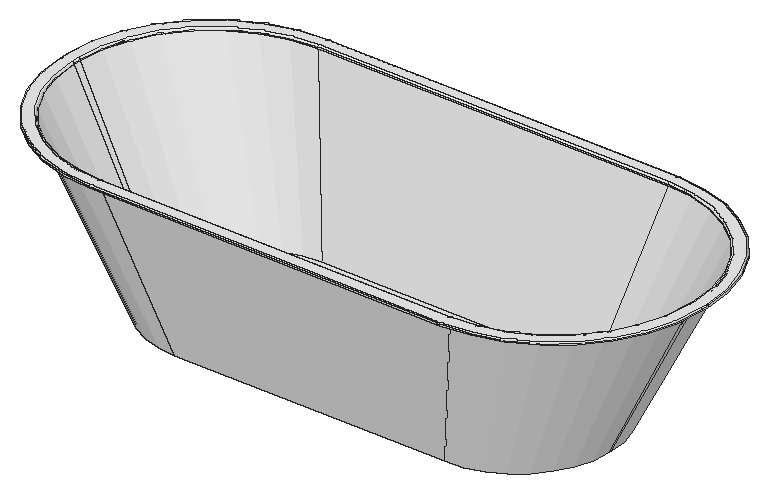
Revit family "Reece_Bath_Posh_Solus_Inset Bath", category Plumbing Fixtures, host Face, Revit 2018
Family settings
  Host = Face
  Round Connector Dimension = Use Diameter
  Part Type = Normal
  Cut with Voids When Loaded = Yes
  Shared = Yes
  Room Calculation Point = Yes
Parameters (values of type "1675x780x435 mm_246 ltr_White")
  URL = "https://www.reece.com.au/product/-1704379"
  Type Comments = "Bath"
  Reece_Product_Web Page = "https://www.reece.com.au/product/-1704379"
  Reece_Product_Type = "Bath"  # constant formula
  Reece_Product_Sub Brand = "Solus"  # constant formula
  Reece_Product_Number = "1704379"
  Reece_Product_Mount = "Inset"
  Reece_Product_Description = "Posh Solus Oval Inset Bath 1675mm x 780mm White"
  Reece_Product_Brand = "Posh"  # constant formula
  Reece_Overall_Width = 780 mm
  Reece_Overall_Length = 1675 mm
  Reece_Overall_Height = 435 mm
  Reece_Overall_Capacity = 246.0 L
  Reece_Material_Secondary = Reece_Brass_Chrome
  Reece_Material_Main = Reece_Acrylic_White
  Reece_Detail_Shape = "Sanitary Grade Acrylic"  # constant formula
  Reece_Detail_Installation = "Bottom Inlet"  # constant formula
  Reece_Detail_Disclaimer = "THIS FILE IS THE PROPERTY OF THE REECE GROUP. IT MAY NOT BE REPRODUCED, REVERSE-ENGINEERED OR MODIFIED. ANY REPUBLICATION, TRANSMISSION OR DISTRIBUTION FOR THE PURPOSE OF COMMERCIALLY EXPLOITING THE FILES IS PROHIBITED."  # constant formula
  Reece_Detail_Connector = "Inset Bath"  # constant formula
  Reece_Bath_Type = Reece_Bath_Posh_Solus_Inset Bath_1675x780 mm_246 ltr_White_Nested : 1675x780 mm_246 ltr_White
  Reece_Bath_Outlet = 40 mm  # constant formula
  Reece_Bath_Lip = 6 mm  # constant formula
  Reece_Bath_Host Plane_Ref_Top [instance] = Reece_Overall_Height - Reece_Bath_Host Plane_Ref_Bottom - Reece_Bath_Lip  # 429 mm
  Reece_Bath_Host Plane_Ref_Bottom [instance] = if(Reece_Bath_Face Flush, Reece_Overall_Height - Reece_Bath_Lip, 0 mm)  # 0 mm
  Reece_Bath_Face Flush [instance] = no
  Model = "Solus"
  Manufacturer = "Posh"
  Keynote = "Product #1704379, Reece_Bath_Posh_Solus_Inset Bath - 1675x780x435 mm_246 ltr_White"
  Disclaimer = "THIS FILE IS THE PROPERTY OF THE REECE GROUP. IT MAY NOT BE REPRODUCED, REVERSE-ENGINEERED OR MODIFIED. ANY REPUBLICATION, TRANSMISSION OR DISTRIBUTION FOR THE PURPOSE OF COMMERCIALLY EXPLOITING THE FILES IS PROHIBITED."  # constant formula
  Description = "Posh Solus Oval Inset Bath White 1675mm x 780mm White"
  Default Elevation = 0 mm
Types (2, lengths in mm): name | URL | Reece_Product_Web Page | Reece_Product_Number | Reece_Product_Description | Reece_Overall_Width | Reece_Overall_Length | Reece_Overall_Height | Reece_Overall_Capacity | Reece_Bath_Type | Reece_Bath_Host Plane_Ref_Top | Keynote | Description
  1675x780x435 mm_246 ltr_White | "https://www.reece.com.au/product/-1704379" | "https://www.reece.com.au/product/-1704379" | "1704379" | "Posh Solus Oval Inset Bath 1675mm x 780mm White" | 780 | 1675 | 435 | 246.0 L | Reece_Bath_Posh_Solus_Inset Bath_1675x780 mm_246 ltr_White_Nested : 1675x780 mm_246 ltr_White | 429 | "Product #1704379, Reece_Bath_Posh_Solus_Inset Bath - 1675x780x435 mm_246 ltr_White" | "Posh Solus Oval Inset Bath White 1675mm x 780mm White"
  1585x745x450 mm_240 ltr_White | "https://www.reece.com.au/product/-1704378" | "https://www.reece.com.au/product/-1704378" | "1704378" | "Posh Solus Oval Inset Bath 1585mm x 745mm White" | 745 | 1585 | 450 | 240.0 L | Reece_Bath_Posh_Solus_Inset Bath_1585x745 mm_240 ltr_White_Nested : 1585x745x450 mm_240 ltr_White | 444 | "Product #1704378, Reece_Bath_Posh_Solus_Inset Bath - 1585x745x450 mm_240 ltr_White" | "Posh Solus Oval Inset Bath White 1585mm x 745mm White"
Reference planes
  plane 1 "Center (Front/Back)": y = 0
  plane 2 "Bottom Host Plane": z = 0
  plane 3 "Center (Left/Right)": x = 0
  plane 4: x = -882.5
  plane 5: y = 407.5
  plane 6: y = -372.5
  plane 7: x = 792.5
  plane 8 "Top Host Plane": z = 444
  plane 9: z = 450
  plane 10 "bottom": z = 0
Forms (mm)
  Extrusion 1, void
    sketch origin (0, 0, 0) x (1, 0, 0) y (0, 1, 0)
      loop
        arc (-502.5, 364.588) -> (-753.232, 260.732) -> (-857.088, 10) r 354.588
        line (-857.088, 10) -> (-857.088, -10)
        arc (-857.088, -10) -> (-753.232, -260.732) -> (-502.5, -364.588) r 354.588
        line (-502.5, -364.588) -> (412.5, -364.588)
        arc (412.5, -364.588) -> (663.232, -260.732) -> (767.088, -10) r 354.588
        line (767.088, -10) -> (767.088, 10)
        arc (767.088, 10) -> (663.232, 260.732) -> (412.5, 364.588) r 354.588
        line (412.5, 364.588) -> (-502.5, 364.588)
    from 0 to 444
Text (mm)
  text "Reece ©" at (2711.642, -2033.378, 3271.793), in view "Reece Preview"
  text "Reece Copyright © 2018, Reece Ltd." at (-796.86, -495.261, 0), in view "Ref. Level"
Dimensions and locks
  level to plane 8 "Top Host Plane" = 444 mm
  "Reece_Overall_Length": plane 4 to plane 7
  "Reece_Overall_Width": plane 5 to plane 6
  plane 6 to plane 1 "Center (Front/Back)" to plane 5 = 372.5 mm, 407.5 mm
  plane 4 to plane 3 "Center (Left/Right)" to plane 7 = 882.5 mm, 792.5 mm
  "Reece_Bath_Lip": plane 8 "Top Host Plane" to plane 9
  "Reece_Bath_Host Plane_Ref_Bottom": plane 2 "Bottom Host Plane" to level
  plane 9 to level = 450 mm
  aligned and locked: plane 10 "bottom" to plane 2 "Bottom Host Plane"
  aligned and locked: plane 8 "Top Host Plane" to Extrusion 1
Automatic sketch dimensions
  plane 1 "Center (Front/Back)" to Extrusion 1 sketch curve = 10 mm  (x2)
  plane 4 to Extrusion 1 sketch curve = 25.412 mm
  Extrusion 1 sketch curve to Extrusion 1 sketch curve = 354.588 mm
  Extrusion 1 sketch curve to plane 1 "Center (Front/Back)" = 10 mm  (x2)
  Extrusion 1 sketch curve to Extrusion 1 sketch curve = 0 mm
  plane 7 to Extrusion 1 sketch curve = 380 mm
Nested families
  nested 1: "Reece_Bath_Posh_Solus_Inset Bath_1675x780 mm_246 ltr_White_Nested" at (0, 79.125, 444), type <- "Reece_Bath_Type", type "1675x780 mm_246 ltr_White"
Connectors
  piping at (0, 0, 0), diameter 40, driven by "Reece_Bath_Outlet"
    settings: index 1, connector inside diameter 609.6 mm, connector length 0 mm, flow factor 0, pipe flow 0.0 L/s, pressure drop 0.0 Pa, fitting loss kfactor 0, connector angle 0.00°, fixture units 0, engagement length 0 mm, angle of deflection 0.00°, flow configuration 0, flow direction 2, fitting loss method 0, system type 16, joint type 0, gender type 0, connector reference index -1, connector utility 0, adjustable connector no, is connector primary yes, connector description ""
Definition of nested family "Reece_Bath_Posh_Solus_Inset Bath_1675x780 mm_246 ltr_White_Nested"
  Parameters (values of type "1675x780 mm_246 ltr_White")
    WFU = 0  # constant formula
    Reece_Product_Web Page = "https://www.reece.com.au/product/-1704379"
    Reece_Product_Type = "Bath"  # constant formula
    Reece_Product_Sub Brand = "Solus"  # constant formula
    Reece_Product_Number = "1704379"
    Reece_Product_Mount = "Inset"  # constant formula
    Reece_Product_Description = "Posh Solus Oval Inset Bath White 1675mm x 780mm White"
    Reece_Product_Brand = "Posh"  # constant formula
    Reece_Overall_Width = 780 mm
    Reece_Overall_Length = 1675 mm
    Reece_Overall_Height = 435 mm
    Reece_Overall_Capacity = 246.0 L
    Reece_Material_Secondary [instance] = none
    Reece_Material_Main [instance] = none
    Internal_Length__Bottom = 1180 mm
    Reece_Detail_Material = "Sanitary Grade Acrylic"  # constant formula
    Reece_Detail_Installation = "Inset Bath"  # constant formula
    Reece_Detail_Connector = "Bottom Inlet"  # constant formula
    Reece_Bath_Outlet = 40 mm  # constant formula
    Internal_Base_Width_Bottom = 480 mm
    HWFU = 0  # constant formula
    Default Elevation = 0 mm
    CWFU = 0  # constant formula
  Reference planes
    plane 1 "Center (Front/Back)": y = -79.125
    plane 2 "Lip": z = 0
    plane 3 "Center (Left/Right)": x = 0
    plane 4: y = 310.875
    plane 5: y = -469.125
    plane 6: x = -837.5
    plane 7: x = 837.5
    plane 8: x = -590
    plane 9: x = 590
    plane 10: y = 160.875
    plane 11: y = -319.125
    plane 12 "Top of Lip": z = 6
    plane 13 "Waste": z = -429
    plane 14 "Bottom Host Plane": z = -419
  Forms (mm)
    Extrusion 1, solid
      sketch origin (619.2, -619.2, 0) x (1, 0, 0) y (0, 1, 0)
        loop
          line (-1569.2, 990.075) -> (-1569.2, 90.075) -> (330.8, 90.075) -> (330.8, 990.075) -> (-1569.2, 990.075)
      from 0 to -429
    Blend 2, solid, material <- "Reece_Material_Main"
      base sketch origin (0, 0, -475) x (0, -1, 0) y (1, 0, 0)
        loop
          arc (-164.175, -351.9) -> (-93.881, -521.606) -> (75.825, -591.9) r 240
          line (75.825, -591.9) -> (82.425, -591.9)
          arc (82.425, -591.9) -> (252.13, -521.606) -> (322.425, -351.9) r 240
          line (322.425, -351.9) -> (322.425, 351.9)
          arc (322.425, 351.9) -> (252.13, 521.606) -> (82.425, 591.9) r 240
          line (82.425, 591.9) -> (75.825, 591.9)
          arc (75.825, 591.9) -> (-93.881, 521.606) -> (-164.175, 351.9) r 240
          line (-164.175, 351.9) -> (-164.175, -351.9)
      top sketch origin (0, 0, -475) x (0, -1, 0) y (1, 0, 0)
        loop
          arc (89.125, -807.088) -> (336.321, -704.696) -> (438.713, -457.5) r 349.588
          line (438.713, -457.5) -> (438.713, 457.5)
          arc (438.713, 457.5) -> (336.321, 704.696) -> (89.125, 807.088) r 349.588
          line (89.125, 807.088) -> (69.125, 807.088)
          arc (69.125, 807.088) -> (-178.072, 704.696) -> (-280.464, 457.5) r 349.588
          line (-280.464, 457.5) -> (-280.464, -457.5)
          arc (-280.464, -457.5) -> (-178.072, -704.696) -> (69.125, -807.088) r 349.588
          line (69.125, -807.088) -> (89.125, -807.088)
      from 56 to 475
    Extrusion 3, solid, material <- "Reece_Material_Main"
      sketch origin (0, 0, -429) x (0, -1, 0) y (1, 0, 0)
        loop
          line (73.125, -545.57) -> (85.125, -545.57)
          arc (85.125, -545.57) -> (219.171, -490.046) -> (274.694, -356) r 189.57
          line (274.694, -356) -> (274.694, 356)
          arc (274.694, 356) -> (219.171, 490.046) -> (85.125, 545.57) r 189.57
          line (85.125, 545.57) -> (73.125, 545.57)
          arc (73.125, 545.57) -> (-60.921, 490.046) -> (-116.445, 356) r 189.57
          line (-116.445, 356) -> (-116.445, -356)
          arc (-116.445, -356) -> (-60.921, -490.046) -> (73.125, -545.57) r 189.57
      from 10 to 16
    Sweep 4, solid, material <- "Reece_Material_Main"
      path origin (0, 0, -475) x (0, -1, 0) y (1, 0, 0)
        loop
          line (-310.875, 457.5) -> (-310.875, -457.5)
          arc (-310.875, -457.5) -> (-199.576, -726.201) -> (69.125, -837.5) r 380
          line (69.125, -837.5) -> (89.125, -837.5)
          arc (89.125, -837.5) -> (357.825, -726.201) -> (469.125, -457.5) r 380
          line (469.125, -457.5) -> (469.125, 457.5)
          arc (469.125, 457.5) -> (357.825, 726.201) -> (89.125, 837.5) r 380
          line (89.125, 837.5) -> (69.125, 837.5)
          arc (69.125, 837.5) -> (-199.576, 726.201) -> (-310.875, 457.5) r 380
      profile origin (0, 310.875, -475) x (0, -1, 0) y (0, 0, 1)
        loop
          arc (3, 481) -> (0.879, 480.121) -> (0, 478) r 3
          line (0, 478) -> (0, 475) -> (35.412, 475) -> (34.907, 477.145)
          arc (34.907, 477.145) -> (33.144, 479.92) -> (30.04, 481) r 5
          line (30.04, 481) -> (3, 481)
    Blend 5, void
      base sketch origin (0, 0, -475) x (0, -1, 0) y (1, 0, 0)
        loop
          line (73.125, -590) -> (85.125, -590)
          arc (85.125, -590) -> (250.588, -521.463) -> (319.125, -356) r 234
          line (319.125, -356) -> (319.125, 356)
          arc (319.125, 356) -> (250.588, 521.463) -> (85.125, 590) r 234
          line (85.125, 590) -> (73.125, 590)
          arc (73.125, 590) -> (-92.338, 521.463) -> (-160.875, 356) r 234
          line (-160.875, 356) -> (-160.875, -356)
          arc (-160.875, -356) -> (-92.338, -521.463) -> (73.125, -590) r 234
      top sketch origin (0, 0, -475) x (0, -1, 0) y (1, 0, 0)
        loop
          line (69.125, -802.088) -> (89.125, -802.088)
          arc (89.125, -802.088) -> (332.785, -701.161) -> (433.713, -457.5) r 344.588
          line (433.713, -457.5) -> (433.713, 457.5)
          arc (433.713, 457.5) -> (332.785, 701.161) -> (89.125, 802.088) r 344.588
          line (89.125, 802.088) -> (69.125, 802.088)
          arc (69.125, 802.088) -> (-174.536, 701.161) -> (-275.464, 457.5) r 344.588
          line (-275.464, 457.5) -> (-275.464, -457.5)
          arc (-275.464, -457.5) -> (-174.536, -701.161) -> (69.125, -802.088) r 344.588
      from 62 to 475
    Revolve 6, void
      sketch origin (0, -79.125, 10) x (1, 0, 0) y (0, 0, 1)
        loop
          line (0, -438) -> (0, -403) -> (-47.5, -403) -> (-47.5, -423) -> (-30.5, -423)
          arc (-30.5, -423) -> (-28.379, -423.879) -> (-27.5, -426) r 3
          line (-27.5, -426) -> (-27.5, -438) -> (0, -438)
        axis (0, -403) -> (0, -438)
      angle from 0 to 360
    Revolve 7, solid, material <- "Reece_Material_Secondary"
      sketch origin (0, -79.125, 3.75) x (1, 0, 0) y (0, 0, 1)
        loop
          line (-20.064, -412.902) -> (-20.064, -415.411) -> (0, -415.411) -> (0, -409.887)
          arc (0, -409.887) -> (-10.952, -410.173) -> (-21.875, -411.027) r 210.452
          line (-21.875, -411.027) -> (-21.875, -412.902) -> (-20.064, -412.902)
        loop
          line (-25.299, -419.902) -> (0, -419.902) -> (0, -416.902) -> (-21.875, -416.902) -> (-21.875, -414.293) -> (-28.494, -414.293)
          arc (-28.494, -414.293) -> (-29.418, -414.91) -> (-29.201, -416) r 1
          line (-29.201, -416) -> (-25.299, -419.902)
        axis (0, -409.887) -> (0, -419.902)
      angle from 0 to 360
    Revolve 8, solid, material <- "Reece_Material_Main"
      sketch origin (0, -79.125, 3.75) x (1, 0, 0) y (0, 0, 1)
        loop
          line (-27.5, -422.75) -> (-30.5, -422.75) -> (-30.5, -432.75) -> (-27.5, -432.75) -> (-27.5, -422.75)
        axis (0, -422.75) -> (0, -432.75)
      angle from 0 to 360
  Cuts and joins
    Blend 5, Revolve 6 cuts Blend 2
    Revolve 6 cuts Extrusion 3
    joined: Blend 2, Extrusion 3, Sweep 4, Revolve 8
  Text (mm)
    text "Reece Copyright © 2018, Reece Ltd." at (-1246.142, -616.928, 0), in view "Ref. Level"
    text "Reece ©" at (-571.364, -896.988, -347.845), in view "Reece Preview"
  Dimensions and locks
    "Reece_Overall_Height": plane 12 "Top of Lip" to plane 13 "Waste"
    "Internal_Length__Bottom": plane 8 to plane 9
    "Reece_Overall_Length": plane 6 to plane 7
    "Internal_Base_Width_Bottom": plane 11 to plane 10
    "Reece_Overall_Width": plane 4 to plane 5
    equal spacing: plane 6, plane 3 "Center (Left/Right)", plane 7
    equal spacing: plane 5, plane 1 "Center (Front/Back)", plane 4
    locked: plane 6 to Blend 2 sketch curve at 30.412
    locked: Blend 2 sketch curve to plane 7 at 30.412
    locked: Blend 2 sketch curve to plane 4 at 30.412
    locked: Blend 2 sketch curve to plane 5 at 30.412
    "Reece_Overall_Length": plane 6 to Sweep 4
    "Reece_Overall_Width": plane 4 to Sweep 4
    equal spacing: plane 8, plane 3 "Center (Left/Right)", plane 9
    equal spacing: plane 11, plane 1 "Center (Front/Back)", plane 10
    aligned and locked: plane 2 "Lip" to Extrusion 1
    aligned and locked: plane 2 "Lip" to Blend 2
    aligned and locked: Sweep 4 sketch curve to plane 5
    aligned and locked: Sweep 4 sketch curve to plane 6
    aligned and locked: Sweep 4 sketch curve to plane 7
    aligned and locked: Blend 5 sketch curve to plane 8
    aligned and locked: Blend 5 sketch curve to plane 9
    aligned and locked: plane 10 to Blend 5 sketch curve
    aligned and locked: Blend 5 sketch curve to plane 11
    aligned and locked: Blend 5 sketch curve to Sweep 4  (x4)
    aligned and locked: Revolve 6 sketch curve to plane 3 "Center (Left/Right)"
    aligned and locked: Revolve 7 sketch curve to plane 3 "Center (Left/Right)"
  Automatic sketch dimensions
    Extrusion 1 sketch curve to Extrusion 1 sketch curve = 1900 mm
    Extrusion 1 sketch curve to Extrusion 1 sketch curve = 900 mm
    plane 4 to Sweep 4 sketch curve = 0 mm
    Sweep 4 sketch curve to plane 1 "Center (Front/Back)" = 10 mm  (x2)
    plane 1 "Center (Front/Back)" to Sweep 4 sketch curve = 10 mm  (x2)
    Blend 2 sketch curve to plane 1 "Center (Front/Back)" = 10 mm  (x2)
    plane 1 "Center (Front/Back)" to Blend 2 sketch curve = 10 mm  (x2)
    Blend 2 sketch curve to plane 1 "Center (Front/Back)" = 3.3 mm  (x3)
    plane 1 "Center (Front/Back)" to Blend 2 sketch curve = 3.3 mm  (x2)
    Blend 2 sketch curve to Blend 2 sketch curve = 0 mm
    Blend 5 sketch curve to plane 1 "Center (Front/Back)" = 6 mm  (x2)
    plane 1 "Center (Front/Back)" to Blend 5 sketch curve = 6 mm  (x2)
    Sweep 4 sketch curve to profile plane = 0 mm
    Sweep 4 sketch curve to profile plane = 3 mm
    Sweep 4 sketch curve to Sweep 4 sketch curve = 27.04 mm
    Sweep 4 sketch curve to Sweep 4 sketch curve = 4.867 mm
    Sweep 4 sketch curve to Sweep 4 sketch curve = 0.505 mm
    profile plane to Sweep 4 sketch curve = 475 mm
    Sweep 4 sketch curve to Sweep 4 sketch curve = 1 mm
    Sweep 4 sketch curve to Sweep 4 sketch curve = 1.145 mm
    Revolve 6 sketch curve to plane 3 "Center (Left/Right)" = 0 mm
    Revolve 6 sketch curve to plane 13 "Waste" = 1 mm
    Revolve 6 sketch curve to Revolve 6 sketch curve = 27.5 mm
    Revolve 6 sketch curve to Revolve 6 sketch curve = 3 mm
    Revolve 6 sketch curve to Revolve 6 sketch curve = 17 mm
    Revolve 6 sketch curve to plane 13 "Waste" = 13 mm
    Revolve 6 sketch curve to Revolve 6 sketch curve = 6 mm
    Revolve 7 sketch curve to plane 3 "Center (Left/Right)" = 0 mm  (x2)
    Revolve 7 sketch curve to plane 13 "Waste" = 17.339 mm
    Revolve 7 sketch curve to Revolve 7 sketch curve = 20.064 mm
    Revolve 7 sketch curve to Revolve 7 sketch curve = 1.811 mm  (x2)
    Revolve 7 sketch curve to Revolve 7 sketch curve = 3.424 mm
    Revolve 7 sketch curve to Revolve 7 sketch curve = 3.196 mm
    Revolve 7 sketch curve to plane 13 "Waste" = 16.75 mm
    Revolve 7 sketch curve to Revolve 7 sketch curve = 0.707 mm  (x2)
    Revolve 7 sketch curve to Revolve 7 sketch curve = 1.492 mm
    Revolve 7 sketch curve to plane 13 "Waste" = 12.848 mm
    Revolve 7 sketch curve to Revolve 7 sketch curve = 1.39 mm
    Revolve 7 sketch curve to Revolve 7 sketch curve = 1.875 mm
    plane 13 "Waste" to Revolve 7 sketch curve = 5 mm
    plane 10 to Extrusion 3 sketch curve = 44.43 mm
    Extrusion 3 sketch curve to plane 1 "Center (Front/Back)" = 6 mm  (x2)
    plane 1 "Center (Front/Back)" to Extrusion 3 sketch curve = 6 mm  (x2)
    plane 11 to Extrusion 3 sketch curve = 44.43 mm
    plane 8 to Extrusion 3 sketch curve = 44.43 mm
    plane 9 to Extrusion 3 sketch curve = 234 mm
    Revolve 8 sketch curve to plane 13 "Waste" = 0 mm
    Revolve 8 sketch curve to plane 3 "Center (Left/Right)" = 0 mm
    Revolve 8 sketch curve to Revolve 8 sketch curve = 3 mm
    plane 13 "Waste" to Revolve 8 sketch curve = 5 mm
    Revolve 8 sketch curve to Revolve 8 sketch curve = 10 mm
    Revolve 8 sketch curve to plane 3 "Center (Left/Right)" = 27.5 mm
    Revolve 7 sketch curve to Revolve 7 sketch curve = 182.59 mm
    Revolve 6 sketch curve to Revolve 6 sketch curve = 35 mm
    Revolve 6 sketch curve to Revolve 6 sketch curve = 59 mm
    Revolve 7 sketch curve to Revolve 7 sketch curve = 32.137 mm
    Revolve 8 sketch curve to Revolve 8 sketch curve = 45 mm
    plane 8 to Blend 2 sketch curve = 238.1 mm
    Blend 2 sketch curve to plane 10 = 3.3 mm
    plane 9 to Blend 2 sketch curve = 238.1 mm
